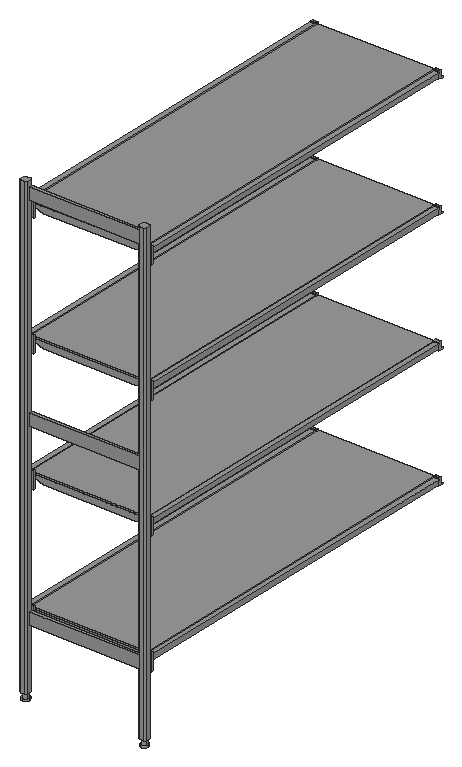
Revit family "QF_ELECTROLUXPROFESSIONAL_137077_CLS1362", category Attrezzature speciali, Revit 2020
Family settings
  Quota connettore circolare = Usa diametro
  Tipo di parte = Normale
  Basato su piano di lavoro = No
  Sempre verticale = Sì
  Taglio con vuoti quando caricato = No
  Condiviso = No
  Punto di calcolo locali = No
Parameters (values of type "Standard")
  Weight = 23.00 kg
  Watts = 0 W
  Volts = 0 V
  URL Manufacturer = "https://www.electroluxprofessional.com/"
  URL = "https://www.electroluxprofessional.com/"
  Steam Supply Size = 0 mm
  Steam Supply Minimum Pressure = 0.0 Pa
  Steam Supply Maximum Pressure = 0.0 Pa
  Steam Consumption per Hour = 0
  Refrigeration Suction Line Size = 0.0 mm
  Refrigeration Liquid Line Size = 0.0 mm
  Refrigerant Compressor Remote = yes
  Prospetto di default = 0.0 mm
  Phase = 0
  Modello = "CLS1362"
  Produttore = "Electrolux Professional"
  Length Actual = 1366.0 mm  # constant formula
  Item Number = "137077"
  Hot Water Size = 0 mm
  Height Actual = 1700.0 mm  # constant formula
  HP = "0 HP"
  Gas Size = 0 mm
  Gas KW = 0
  Gas Input Pressure = 0 W
  Direct Waste Size = 0 mm
  Descrizione = "ALUM.CORNER SHELV.-POLY.TIERS-475X1366MM"
  Depth Actual = 475.0 mm  # constant formula
  Cycle = 0 Hz
  Condensate Return Size = 0 mm
  Compressed Air Volume = 0.0 L/s
  Compressed Air Size = 0 mm
  Compressed Air Pressure = 0.0 Pa
  Cold Water Size = 0 mm
  Accessory = yes
Reference planes
  plane 1: z = 0
  plane 2 "Center (F/B)": y = -163.5
  plane 3 "Front": y = -549.5
  plane 4 "Left": x = -217.5
  plane 5 "Right": x = 257.5
  plane 6 "TOP": z = 1700
  plane 7: y = -517.5
  plane 8: y = 812.5
  plane 9 "Center (Left/Right)": x = 20
  plane 10: y = 807.5
  plane 11: x = -186
  plane 12: x = 226
  plane 13 "FEET": z = 25
  plane 14: z = 275
  plane 15: z = 725
  plane 16: z = 1175
  plane 17: z = 1625
  plane 18 "CXLeft": y = -535.5
  plane 19: x = -200
  plane 20 "CYBack": x = -200
  plane 21 "CYFront": x = 138
  plane 22 "Back": y = 816.5
  plane 23 "LEFT_ORIGIN": x = -251.5
  plane 24 "BACK_Origin": y = 1291.5
Forms (mm)
  Extrusion 1, solid, material "QF_Aluminum"
    sketch origin (0, -549.5, 0) x (-1, 0, 0) y (0, 0, 1)
      loop
        line (198.5, 1650.994) -> (198.5, 1632.998) -> (217.5, 1632.998) -> (217.5, 1650.994) -> (198.5, 1650.994)
      loop
        line (-238.5, 1650.994) -> (-257.5, 1650.994) -> (-257.5, 1632.998) -> (-238.5, 1632.998) -> (-238.5, 1650.994)
      loop
        line (198.5, 1200.994) -> (198.5, 1182.998) -> (217.5, 1182.998) -> (217.5, 1200.994) -> (198.5, 1200.994)
      loop
        line (-238.522, 1200.994) -> (-257.5, 1200.994) -> (-257.5, 1182.998) -> (-238.522, 1182.998) -> (-238.522, 1200.994)
      loop
        line (198.5, 750.994) -> (198.5, 732.998) -> (217.5, 732.998) -> (217.5, 750.994) -> (198.5, 750.994)
      loop
        line (-238.522, 750.994) -> (-257.5, 750.994) -> (-257.5, 732.998) -> (-238.522, 732.998) -> (-238.522, 750.994)
      loop
        line (198.5, 300.994) -> (198.5, 282.998) -> (217.5, 282.998) -> (217.5, 300.994) -> (198.5, 300.994)
      loop
        line (-238.522, 300.994) -> (-257.5, 300.994) -> (-257.5, 282.998) -> (-238.522, 282.998) -> (-238.522, 300.994)
    from 32 to 1362
  Extrusion 2, solid, material "QF_Polyethylene"
    sketch origin (0, -549.5, 0) x (-1, 0, 0) y (0, 0, 1)
      loop
        line (196.507, 1650.994) -> (-236.522, 1650.994) -> (-236.522, 1644.496) -> (196.507, 1644.496) -> (196.507, 1650.994)
      loop
        line (196.507, 1200.994) -> (-236.522, 1200.994) -> (-236.522, 1194.496) -> (196.507, 1194.496) -> (196.507, 1200.994)
      loop
        line (196.507, 750.994) -> (-236.522, 750.994) -> (-236.522, 744.496) -> (196.507, 744.496) -> (196.507, 750.994)
      loop
        line (196.507, 300.994) -> (-236.522, 300.994) -> (-236.522, 294.496) -> (196.507, 294.496) -> (196.507, 300.994)
    from 32 to 1362
Lines and regions (mm)
  symbolic lines
    curve 1: line (-198.5, 812.5, 1700) -> (-198.5, -517.5, 1700)
    curve 2: line (-217.5, -521.5, 1700) -> (-217.5, 812.5, 1700)
    curve 3: line (257.5, -521.5, 1700) -> (257.5, 812.5, 1700)
    curve 4: line (-181.507, -517.5, 1700) -> (221.507, -517.5, 1700)
    curve 5: line (238.522, -517.5, 1700) -> (238.522, 812.5, 1700)
    curve 6: line (-198.5, 812.5, 1700) -> (238.522, 812.5, 1700)
Dimensions and locks
  plane 3 "Front" to plane 2 "Center (F/B)" = 386.0 mm
  locked: plane 6 "TOP" to level at 1700
  locked: plane 4 "Left" to plane 5 "Right" at 475
  locked: plane 7 to plane 8 at 1330
  locked: plane 3 "Front" to plane 7 at 32
  plane 10 to plane 8 = 5.0 mm
  locked: plane 11 to plane 12 at 412
  equal spacing: plane 11, plane 9 "Center (Left/Right)", plane 12
  equal spacing: plane 4 "Left", plane 9 "Center (Left/Right)", plane 5 "Right"
  plane 13 "FEET" to level = 25.0 mm
  plane 6 "TOP" to plane 13 "FEET" = 1675.0 mm
  plane 14 to plane 13 "FEET" = 250.0 mm
  plane 15 to plane 14 = 450.0 mm
  plane 16 to plane 15 = 450.0 mm
  plane 17 to plane 16 = 450.0 mm
  locked: plane 3 "Front" to plane 18 "CXLeft" at 14
  locked: plane 3 "Front" to plane 22 "Back" at 1366
  plane 23 "LEFT_ORIGIN" to plane 5 "Right" = 509.0 mm
  locked: plane 22 "Back" to plane 24 "BACK_Origin" at 475
  aligned and locked: level to plane 1
  aligned and locked: Extrusion 2 to plane 7
  aligned and locked: plane 8 to Extrusion 2
  aligned and locked: Extrusion 1 to plane 7
  aligned and locked: plane 8 to Extrusion 1
  aligned and locked: Extrusion 1 sketch curve to Extrusion 1 sketch curve  (x2)
  aligned and locked: plane 18 "CXLeft" to nested 1
  aligned and locked: nested 2 to plane 10
Automatic sketch dimensions
  curve 2 to plane 4 "Left" = 0.0 mm
  curve 3 to plane 5 "Right" = 0.0 mm
  plane 7 to curve 1 = 0.0 mm
  plane 7 to curve 4 = 0.0 mm
  plane 7 to curve 5 = 0.0 mm
  plane 8 to curve 2 = 0.0 mm
  plane 8 to curve 1 = 0.0 mm
  plane 8 to curve 3 = 0.0 mm
  curve 5 to plane 21 "CYFront" = 100.522 mm
  plane 19 to curve 6 = 1.5 mm
  plane 7 to curve 3 = 4.0 mm
  plane 7 to curve 2 = 4.0 mm
  plane 12 to curve 4 = 4.493 mm
  curve 4 to plane 11 = 4.493 mm
  plane 5 "Right" to Extrusion 1 sketch curve = 0.0 mm  (x4)
  plane 4 "Left" to Extrusion 1 sketch curve = 0.0 mm  (x4)
  Extrusion 1 sketch curve to plane 21 "CYFront" = 100.522 mm
  Extrusion 1 sketch curve to plane 21 "CYFront" = 100.5 mm
  plane 19 to Extrusion 1 sketch curve = 1.5 mm  (x4)
  plane 14 to Extrusion 1 sketch curve = 7.998 mm  (x2)
  Extrusion 1 sketch curve to Extrusion 1 sketch curve = 17.997 mm  (x8)
  plane 15 to Extrusion 1 sketch curve = 7.998 mm  (x2)
  plane 16 to Extrusion 1 sketch curve = 7.998 mm  (x2)
  plane 17 to Extrusion 1 sketch curve = 7.998 mm  (x2)
  Extrusion 2 sketch curve to plane 21 "CYFront" = 98.522 mm  (x4)
  plane 19 to Extrusion 2 sketch curve = 3.493 mm  (x4)
  plane 14 to Extrusion 2 sketch curve = 19.496 mm
  Extrusion 2 sketch curve to Extrusion 2 sketch curve = 6.499 mm  (x4)
  plane 15 to Extrusion 2 sketch curve = 19.496 mm
  plane 16 to Extrusion 2 sketch curve = 19.496 mm
  plane 17 to Extrusion 2 sketch curve = 19.496 mm
Nested families
  nested 1: "WT_Anta475" at (-194.5, -132.5, 0) x (0, 1, 0) z (0, 0, 1), type "WT_Anta475"
  nested 2: "WT_Aggancio475" at (-194.5, 1224.5, 0) x (0, 1, 0) z (0, 0, 1), type "WT_Aggancio475"
Definition of nested family "WT_Anta475"
  Parameters
    WidthLeft = A + 64.0 mm  # 772.0 mm
    Width = 1606.0 mm
    Right = WidthLeft / 2  # 386.0 mm
    Default Elevation = 0.0 mm
    Left = -WidthLeft / 2  # -386.0 mm
    Height = 1725.0 mm
    FEET = 25.0 mm
    E = 0.0 mm
    Dint = Depth - 63.0 mm  # 412.0 mm
    Dext = Depth - 8.0 mm  # 467.0 mm
    Depth = 475.0 mm
    DX = (WidthLeft - A) / 2  # 32.0 mm
    B = 798.0 mm
    A = 708.0 mm
  Reference planes
    plane 1: z = 0
    plane 2 "LEFT": x = -417
    plane 3 "BACK": y = 23
    plane 4 "FRONT": y = -452
    plane 5 "TOP": z = 1725
    plane 6 "Center (Front/Back)": y = -214.5
    plane 7: y = -8.5
    plane 8: y = -420.5
    plane 9 "FEET": z = 25
    plane 10: z = 275
    plane 11: z = 725
    plane 12: z = 1175
    plane 13: z = 1625
    plane 14 "CXLeft": x = -403
    plane 15: y = 5.5
    plane 16 "CYBack": y = 5.5
    plane 17 "CYFront": y = -434.5
    plane 18: x = -385.031
    plane 19: x = -380.031
  Forms (mm)
    Extrusion 1, solid
      sketch origin (0, 0, 0) x (1, 0, 0) y (0, 1, 0)
        loop
          line (-417, 13.246) -> (-417, -2.246) -> (-410.746, -8.5) -> (-395.254, -8.5) -> (-389, -2.246) -> (-389, 13.246) -> (-395.254, 19.5) -> (-410.746, 19.5) -> (-417, 13.246)
      from 1725 to 25
    Extrusion 2, solid
      sketch origin (-417, 0, 0) x (0, 1, 0) y (0, 0, 1)
        loop
          line (23, 246.005) -> (23, 307.993) -> (-12.993, 307.993) -> (-12.993, 246.005) -> (23, 246.005)
        loop
          line (-452, 246.005) -> (-416.007, 246.005) -> (-416.007, 307.993) -> (-452, 307.993) -> (-452, 246.005)
        loop
          line (23, 696.005) -> (23, 757.993) -> (-12.993, 757.993) -> (-12.993, 696.005) -> (23, 696.005)
        loop
          line (-452, 696.005) -> (-416.007, 696.005) -> (-416.007, 757.993) -> (-452, 757.993) -> (-452, 696.005)
        loop
          line (23, 1146.005) -> (23, 1207.993) -> (-12.993, 1207.993) -> (-12.993, 1146.005) -> (23, 1146.005)
        loop
          line (-452, 1146.005) -> (-416.007, 1146.005) -> (-416.007, 1207.993) -> (-452, 1207.993) -> (-452, 1146.005)
        loop
          line (23, 1596.005) -> (23, 1657.993) -> (-12.993, 1657.993) -> (-12.993, 1596.005) -> (23, 1596.005)
        loop
          line (-452, 1596.005) -> (-416.007, 1596.005) -> (-416.007, 1657.993) -> (-452, 1657.993) -> (-452, 1596.005)
      from 28 to 32
    Revolve 3, solid
      sketch origin (-403, 0, 0) x (0, 1, 0) y (0, 0, 1)
        loop
          line (5.5, 25) -> (5.5, 0) -> (19, 0) -> (19, 5) -> (14, 5) -> (14, 25) -> (5.5, 25)
        axis (5.5, 25) -> (5.5, 0)
      angle from 0 to 360
    Extrusion 4, solid
      sketch origin (-403, 0, 0) x (0, 1, 0) y (0, 0, 1)
        loop
          line (-8.5, 912.382) -> (-8.5, 957.374) -> (-420.5, 957.374) -> (-420.5, 912.382) -> (-8.5, 912.382)
        loop
          line (-8.5, 1662.244) -> (-8.5, 1707.236) -> (-420.5, 1707.236) -> (-420.5, 1662.244) -> (-8.5, 1662.244)
      from -5 to 5
    Revolve 5, solid
      sketch origin (-403, -627, 0) x (0, -1, 0) y (0, 0, 1)
        loop
          line (-192.5, 25) -> (-192.5, 0) -> (-179, 0) -> (-179, 5) -> (-184, 5) -> (-184, 25) -> (-192.5, 25)
        axis (-192.5, 25) -> (-192.5, 0)
      angle from 0 to 360
    Extrusion 6, solid
      sketch origin (0, -627, 0) x (1, 0, 0) y (0, 1, 0)
        loop
          line (-417, 184.754) -> (-410.746, 178.5) -> (-395.254, 178.5) -> (-389, 184.754) -> (-389, 200.246) -> (-395.254, 206.5) -> (-410.746, 206.5) -> (-417, 200.246) -> (-417, 184.754)
      from 1725 to 25
    Extrusion 7, solid
      sketch origin (-417.031, -0.022, 0) x (0, 1, 0) y (0, 0, -1)
        loop
          line (-12, -1632.998) -> (-46, -1620.994) -> (-383, -1620.994) -> (-417, -1632.998) -> (-433, -1632.998) -> (-433, -1650.994) -> (-431, -1650.994) -> (-431, -1644.496) -> (2.007, -1644.496) -> (2.007, -1650.994) -> (4, -1650.994) -> (4, -1632.998) -> (-12, -1632.998)
        loop
          line (-12, -1182.998) -> (-46, -1170.994) -> (-383, -1170.994) -> (-417, -1182.998) -> (-433, -1182.998) -> (-433, -1200.994) -> (-431, -1200.994) -> (-431, -1194.496) -> (2.007, -1194.496) -> (2.007, -1200.994) -> (4, -1200.994) -> (4, -1182.998) -> (-12, -1182.998)
        loop
          line (-12, -732.998) -> (-46, -720.994) -> (-383, -720.994) -> (-417, -732.998) -> (-433, -732.998) -> (-433, -750.994) -> (-431, -750.994) -> (-431, -744.496) -> (2.007, -744.496) -> (2.007, -750.994) -> (4, -750.994) -> (4, -732.998) -> (-12, -732.998)
        loop
          line (-12, -282.998) -> (-46, -270.994) -> (-383, -270.994) -> (-417, -282.998) -> (-433, -282.998) -> (-433, -300.994) -> (-431, -300.994) -> (-431, -294.496) -> (2.007, -294.496) -> (2.007, -300.994) -> (4, -300.994) -> (4, -282.998) -> (-12, -282.998)
      from -32 to -37
    Extrusion 8, solid
      sketch origin (-403, 0, -659.878) x (0, 1, 0) y (0, 0, 1)
        loop
          line (-8.5, 912.382) -> (-8.5, 957.374) -> (-420.5, 957.374) -> (-420.5, 912.382) -> (-8.5, 912.382)
        loop
          line (-8.5, 1572.382) -> (-8.5, 1617.374) -> (-420.5, 1617.374) -> (-420.5, 1572.382) -> (-8.5, 1572.382)
        loop
          line (-8.5, 2322.382) -> (-8.5, 2367.374) -> (-420.5, 2367.374) -> (-420.5, 2322.382) -> (-8.5, 2322.382)
      from -5 to 5
  Lines and regions (mm)
    symbolic lines
      curve 1: line (-408, -8.5, 1725) -> (-408, -420.5, 1725)
      curve 2: line (-398, -420.5, 1725) -> (-398, -8.5, 1725)
      curve 3: line (-395.254, -8.5, 1725) -> (-410.746, -8.5, 1725)
      curve 4: line (-417, -2.246, 1725) -> (-410.746, -8.5, 1725)
      curve 5: line (-417, 13.246, 1725) -> (-417, -2.246, 1725)
      curve 6: line (-410.746, 19.5, 1725) -> (-417, 13.246, 1725)
      curve 7: line (-395.254, 19.5, 1725) -> (-410.746, 19.5, 1725)
      curve 8: line (-389, 13.246, 1725) -> (-395.254, 19.5, 1725)
      curve 9: line (-395.254, -8.5, 1725) -> (-389, -2.246, 1725)
      curve 10: line (-395.254, -420.5, 1725) -> (-410.746, -420.5, 1725)
      curve 11: line (-417, -426.754, 1725) -> (-410.746, -420.5, 1725)
      curve 12: line (-410.746, -448.5, 1725) -> (-417, -442.246, 1725)
      curve 13: line (-395.254, -448.5, 1725) -> (-410.746, -448.5, 1725)
      curve 14: line (-389, -442.246, 1725) -> (-395.254, -448.5, 1725)
      curve 15: line (-395.254, -420.5, 1725) -> (-389, -426.754, 1725)
      curve 16: line (-389, -452, 1725) -> (-389, -416.007, 1725)
      curve 17: line (-389, -416.007, 1725) -> (-385, -416.007, 1725)
      curve 18: line (-389, 23, 1725) -> (-389, -12.993, 1725)
      curve 19: line (-389, -12.993, 1725) -> (-385, -12.993, 1725)
      curve 20: line (-417, -426.754, 1725) -> (-417, -442.246, 1725)
      curve 21: line (-385, -452, 1725) -> (-385, -416.007, 1725)
      curve 22: line (-385, -452, 1725) -> (-389, -452, 1725)
      curve 23: line (-385, 23, 1725) -> (-389, 23, 1725)
      curve 24: line (-385, -12.993, 1725) -> (-385, 23, 1725)
      curve 25: line (-385.031, -13.016, 1725) -> (-385.031, -416.029, 1725)
  Dimensions and locks
    "Height": plane 5 "TOP" to level
    "Depth": plane 3 "BACK" to plane 4 "FRONT"
    "Dint": plane 7 to plane 8
    equal spacing: plane 7, plane 6 "Center (Front/Back)", plane 8
    equal spacing: plane 3 "BACK", plane 6 "Center (Front/Back)", plane 4 "FRONT"
    plane 9 "FEET" to level = 25.0 mm
    plane 5 "TOP" to plane 9 "FEET" = 1700.0 mm
    plane 10 to plane 9 "FEET" = 250.0 mm
    plane 11 to plane 10 = 450.0 mm
    plane 12 to plane 11 = 450.0 mm
    plane 13 to plane 12 = 450.0 mm
    locked: plane 2 "LEFT" to plane 14 "CXLeft" at 14
    locked: plane 3 "BACK" to plane 16 "CYBack" at 17.5
    locked: plane 17 "CYFront" to plane 4 "FRONT" at 17.5
    locked: Revolve 3 sketch curve to Revolve 3 sketch curve at 8.5
    locked: Revolve 3 sketch curve to plane 16 "CYBack" at 13.5
    locked: Revolve 5 sketch curve to Revolve 5 sketch curve at 8.5
    aligned and locked: level to plane 1
    aligned and locked: curve 20 to Extrusion 6
    aligned and locked: plane 5 "TOP" to Extrusion 1
    aligned and locked: plane 5 "TOP" to Extrusion 6
    aligned and locked: Extrusion 7 sketch curve to Extrusion 7 sketch curve  (x3)
  Automatic sketch dimensions
    curve 16 to plane 4 "FRONT" = 0.0 mm
    curve 11 to plane 8 = 0.0 mm
    curve 9 to plane 7 = 0.0 mm
    curve 5 to plane 2 "LEFT" = 0.0 mm
    curve 23 to plane 3 "BACK" = 0.0 mm
    plane 4 "FRONT" to curve 13 = 3.5 mm
    curve 20 to plane 17 "CYFront" = 7.746 mm
    curve 20 to plane 8 = 6.254 mm
    plane 8 to curve 16 = 4.493 mm
    curve 24 to plane 18 = 0.031 mm
    curve 24 to plane 7 = 4.493 mm
    plane 7 to curve 5 = 6.254 mm
    curve 5 to plane 15 = 7.746 mm
    curve 6 to plane 3 "BACK" = 3.5 mm
    curve 21 to plane 18 = 0.031 mm
    plane 18 to curve 23 = 3.969 mm
    plane 18 to curve 16 = 3.969 mm
    curve 18 to curve 8 = 6.254 mm
    curve 18 to curve 3 = 6.254 mm
    curve 16 to curve 13 = 6.254 mm
    curve 16 to curve 15 = 6.254 mm
    plane 2 "LEFT" to curve 10 = 6.254 mm
    plane 2 "LEFT" to curve 7 = 6.254 mm
    plane 2 "LEFT" to curve 12 = 6.254 mm
    plane 2 "LEFT" to curve 3 = 6.254 mm
    curve 14 to plane 17 "CYFront" = 7.746 mm
    curve 15 to plane 8 = 6.254 mm
    plane 7 to curve 9 = 6.254 mm
    curve 8 to plane 15 = 7.746 mm
    curve 3 to curve 2 = 2.746 mm
    curve 1 to curve 10 = 2.746 mm
    Extrusion 1 sketch curve to plane 2 "LEFT" = 0.0 mm
    Extrusion 1 sketch curve to plane 7 = 0.0 mm
    plane 2 "LEFT" to Extrusion 1 sketch curve = 6.254 mm  (x2)
    plane 14 "CXLeft" to Extrusion 1 sketch curve = 7.746 mm  (x2)
    Extrusion 1 sketch curve to plane 3 "BACK" = 3.5 mm
    plane 18 to Extrusion 1 sketch curve = 3.969 mm
    plane 7 to Extrusion 1 sketch curve = 6.254 mm  (x2)
    Extrusion 1 sketch curve to plane 15 = 7.746 mm  (x2)
    Extrusion 2 sketch curve to plane 4 "FRONT" = 0.0 mm  (x4)
    Extrusion 2 sketch curve to plane 3 "BACK" = 0.0 mm  (x4)
    plane 8 to Extrusion 2 sketch curve = 4.493 mm  (x4)
    Extrusion 2 sketch curve to plane 7 = 4.493 mm  (x4)
    Extrusion 2 sketch curve to plane 10 = 28.995 mm  (x2)
    plane 10 to Extrusion 2 sketch curve = 32.993 mm  (x2)
    Extrusion 2 sketch curve to plane 11 = 28.995 mm  (x2)
    plane 11 to Extrusion 2 sketch curve = 32.993 mm  (x2)
    Extrusion 2 sketch curve to plane 12 = 28.995 mm  (x2)
    plane 12 to Extrusion 2 sketch curve = 32.993 mm  (x2)
    Extrusion 2 sketch curve to plane 13 = 28.995 mm  (x2)
    plane 13 to Extrusion 2 sketch curve = 32.993 mm  (x2)
    Revolve 3 sketch curve to plane 9 "FEET" = 0.0 mm  (x2)
    Revolve 3 sketch curve to plane 15 = 0.0 mm  (x2)
    Revolve 3 sketch curve to level = 0.0 mm
    level to Revolve 3 sketch curve = 5.0 mm
    Revolve 3 sketch curve to Revolve 3 sketch curve = 11.655 mm
    Extrusion 4 sketch curve to plane 8 = 0.0 mm  (x2)
    Extrusion 4 sketch curve to plane 7 = 0.0 mm  (x2)
    plane 11 to Extrusion 4 sketch curve = 187.382 mm
    Extrusion 4 sketch curve to Extrusion 4 sketch curve = 44.992 mm
    plane 13 to Extrusion 4 sketch curve = 37.244 mm
    Extrusion 4 sketch curve to plane 5 "TOP" = 17.764 mm
    Revolve 5 sketch curve to plane 9 "FEET" = 0.0 mm  (x2)
    Revolve 5 sketch curve to plane 17 "CYFront" = 0.0 mm  (x2)
    Revolve 5 sketch curve to level = 0.0 mm
    Revolve 5 sketch curve to plane 4 "FRONT" = 4.0 mm
    Revolve 5 sketch curve to Revolve 5 sketch curve = 5.0 mm
    level to Revolve 5 sketch curve = 11.655 mm
    Extrusion 6 sketch curve to plane 2 "LEFT" = 0.0 mm
    Extrusion 6 sketch curve to plane 8 = 0.0 mm
    Extrusion 6 sketch curve to plane 2 "LEFT" = 6.254 mm  (x2)
    Extrusion 6 sketch curve to plane 14 "CXLeft" = 7.746 mm  (x2)
    Extrusion 6 sketch curve to plane 4 "FRONT" = 3.5 mm
    Extrusion 6 sketch curve to plane 18 = 3.969 mm
    plane 8 to Extrusion 6 sketch curve = 6.254 mm  (x2)
    plane 17 "CYFront" to Extrusion 6 sketch curve = 7.746 mm  (x2)
    plane 17 "CYFront" to Extrusion 7 sketch curve = 1.478 mm  (x4)
    Extrusion 7 sketch curve to Extrusion 7 sketch curve = 2.0 mm
    plane 8 to Extrusion 7 sketch curve = 3.478 mm  (x4)
    Extrusion 7 sketch curve to plane 10 = 4.006 mm
    Extrusion 7 sketch curve to Extrusion 7 sketch curve = 34.0 mm  (x4)
    Extrusion 7 sketch curve to plane 11 = 4.006 mm
    Extrusion 7 sketch curve to plane 12 = 4.006 mm
    Extrusion 7 sketch curve to plane 13 = 4.006 mm
    Extrusion 7 sketch curve to plane 7 = 37.522 mm  (x4)
    Extrusion 7 sketch curve to plane 7 = 3.522 mm  (x4)
    plane 15 to Extrusion 7 sketch curve = 3.516 mm  (x4)
    plane 15 to Extrusion 7 sketch curve = 1.522 mm  (x4)
    plane 13 to Extrusion 7 sketch curve = 7.998 mm  (x2)
    Extrusion 7 sketch curve to Extrusion 7 sketch curve = 11.498 mm
    Extrusion 7 sketch curve to Extrusion 7 sketch curve = 6.499 mm  (x5)
    plane 12 to Extrusion 7 sketch curve = 25.994 mm  (x2)
    plane 12 to Extrusion 7 sketch curve = 7.998 mm  (x2)
    plane 11 to Extrusion 7 sketch curve = 25.994 mm  (x2)
    plane 11 to Extrusion 7 sketch curve = 7.998 mm  (x2)
    plane 10 to Extrusion 7 sketch curve = 25.994 mm  (x2)
    plane 10 to Extrusion 7 sketch curve = 7.998 mm  (x2)
    curve 25 to plane 18 = 0.0 mm
    plane 8 to curve 25 = 4.471 mm
    curve 25 to plane 7 = 4.516 mm
    Extrusion 8 sketch curve to plane 8 = 0.0 mm  (x3)
    Extrusion 8 sketch curve to plane 7 = 0.0 mm  (x3)
    Extrusion 8 sketch curve to plane 10 = 22.496 mm
    plane 10 to Extrusion 8 sketch curve = 22.496 mm
    plane 11 to Extrusion 8 sketch curve = 187.504 mm
    Extrusion 8 sketch curve to Extrusion 8 sketch curve = 44.992 mm
    plane 13 to Extrusion 8 sketch curve = 37.504 mm
    Extrusion 8 sketch curve to plane 5 "TOP" = 17.504 mm
Definition of nested family "WT_Aggancio475"
  Parameters
    WidthLeft = A + 64.0 mm  # 772.0 mm
    Width = 1606.0 mm
    Right = WidthLeft / 2  # 386.0 mm
    Default Elevation = 0.0 mm
    Left = -WidthLeft / 2  # -386.0 mm
    Height = 1725.0 mm
    FEET = 25.0 mm
    E = 0.0 mm
    Dint = Depth - 63.0 mm  # 412.0 mm
    Dext = Depth - 8.0 mm  # 467.0 mm
    Depth = 475.0 mm
    DX = (WidthLeft - A) / 2  # 32.0 mm
    B = 798.0 mm
    A = 708.0 mm
  Reference planes
    plane 1: z = 0
    plane 2 "LEFT": x = -417
    plane 3 "BACK": y = 23
    plane 4 "FRONT": y = -452
    plane 5 "TOP": z = 1725
    plane 6 "Center (Front/Back)": y = -214.5
    plane 7: y = -8.5
    plane 8: y = -420.5
    plane 9 "FEET": z = 25
    plane 10: z = 275
    plane 11: z = 725
    plane 12: z = 1175
    plane 13: z = 1625
    plane 14: y = 5.5
    plane 15 "CYBack": y = 5.5
    plane 16 "CYFront": y = -434.5
  Forms (mm)
    Extrusion 1, solid
      sketch origin (-380, -0.022, 0) x (0, 1, 0) y (0, 0, 1)
        loop
          line (-12, 1632.998) -> (4, 1632.998) -> (4, 1650.994) -> (2.007, 1650.994) -> (2.007, 1644.496) -> (-431, 1644.496) -> (-431, 1650.994) -> (-433, 1650.994) -> (-433, 1632.998) -> (-417, 1632.998) -> (-383, 1620.994) -> (-46, 1620.994) -> (-12, 1632.998)
        loop
          line (-12, 1182.998) -> (4, 1182.998) -> (4, 1200.994) -> (2.007, 1200.994) -> (2.007, 1194.496) -> (-431, 1194.496) -> (-431, 1200.994) -> (-433, 1200.994) -> (-433, 1182.998) -> (-417, 1182.998) -> (-383, 1170.994) -> (-46, 1170.994) -> (-12, 1182.998)
        loop
          line (-12, 732.998) -> (4, 732.998) -> (4, 750.994) -> (2.007, 750.994) -> (2.007, 744.496) -> (-431, 744.496) -> (-431, 750.994) -> (-433, 750.994) -> (-433, 732.998) -> (-417, 732.998) -> (-383, 720.994) -> (-46, 720.994) -> (-12, 732.998)
        loop
          line (-12, 282.998) -> (4, 282.998) -> (4, 300.994) -> (2.007, 300.994) -> (2.007, 294.496) -> (-431, 294.496) -> (-431, 300.994) -> (-433, 300.994) -> (-433, 282.998) -> (-417, 282.998) -> (-383, 270.994) -> (-46, 270.994) -> (-12, 282.998)
      from -32 to -37
    Extrusion 2, solid
      sketch origin (-793.062, -324.754, 6.5) x (1, 0, 0) y (0, 0, 1)
        loop
          line (385.062, 1644.496) -> (385.062, 1647.496) -> (376.062, 1647.496) -> (376.062, 1620.994) -> (390.031, 1620.994) -> (390.031, 1626.496) -> (381.062, 1626.496) -> (381.062, 1644.496) -> (385.062, 1644.496)
        loop
          line (385.062, 1194.496) -> (385.062, 1197.496) -> (376.062, 1197.496) -> (376.062, 1170.994) -> (390.031, 1170.994) -> (390.031, 1176.496) -> (381.062, 1176.496) -> (381.062, 1194.496) -> (385.062, 1194.496)
        loop
          line (385.062, 744.496) -> (385.062, 747.496) -> (376.062, 747.496) -> (376.062, 720.994) -> (390.031, 720.994) -> (390.031, 726.496) -> (381.062, 726.496) -> (381.062, 744.496) -> (385.062, 744.496)
        loop
          line (385.062, 294.496) -> (385.062, 297.496) -> (376.062, 297.496) -> (376.062, 270.994) -> (390.031, 270.994) -> (390.031, 276.496) -> (381.062, 276.496) -> (381.062, 294.496) -> (385.062, 294.496)
      from 108.268 to 127.246
    Extrusion 3, solid
      sketch origin (-793.062, 32.754, 6.5) x (1, 0, 0) y (0, 0, 1)
        loop
          line (385.062, 1644.496) -> (385.062, 1647.496) -> (376.062, 1647.496) -> (376.062, 1620.994) -> (390.031, 1620.994) -> (390.031, 1626.496) -> (381.062, 1626.496) -> (381.062, 1644.496) -> (385.062, 1644.496)
        loop
          line (385.062, 1194.496) -> (385.062, 1197.496) -> (376.062, 1197.496) -> (376.062, 1170.994) -> (390.031, 1170.994) -> (390.031, 1176.496) -> (381.062, 1176.496) -> (381.062, 1194.496) -> (385.062, 1194.496)
        loop
          line (385.062, 744.496) -> (385.062, 747.496) -> (376.062, 747.496) -> (376.062, 720.994) -> (390.031, 720.994) -> (390.031, 726.496) -> (381.062, 726.496) -> (381.062, 744.496) -> (385.062, 744.496)
        loop
          line (385.062, 294.496) -> (385.062, 297.496) -> (376.062, 297.496) -> (376.062, 270.994) -> (390.031, 270.994) -> (390.031, 276.496) -> (381.062, 276.496) -> (381.062, 294.496) -> (385.062, 294.496)
      from 9.754 to 28.776
  Lines and regions (mm)
    symbolic lines
      curve 1: line (-412, -452, 0) -> (-408, -452, 0)
      curve 2: line (-412, -433.022, 0) -> (-412, -452, 0)
      curve 3: line (-408, -433.022, 0) -> (-412, -433.022, 0)
      curve 4: line (-408, -452, 0) -> (-408, -433.022, 0)
      curve 5: line (-412, 3.978, 0) -> (-408, 3.978, 0)
      curve 6: line (-412, 23, 0) -> (-412, 3.978, 0)
      curve 7: line (-408, 23, 0) -> (-412, 23, 0)
      curve 8: line (-408, 3.978, 0) -> (-408, 23, 0)
  Dimensions and locks
    "Height": plane 5 "TOP" to level
    "Depth": plane 3 "BACK" to plane 4 "FRONT"
    "Dint": plane 7 to plane 8
    equal spacing: plane 7, plane 6 "Center (Front/Back)", plane 8
    equal spacing: plane 3 "BACK", plane 6 "Center (Front/Back)", plane 4 "FRONT"
    plane 9 "FEET" to level = 25.0 mm
    plane 5 "TOP" to plane 9 "FEET" = 1700.0 mm
    plane 10 to plane 9 "FEET" = 250.0 mm
    plane 11 to plane 10 = 450.0 mm
    plane 12 to plane 11 = 450.0 mm
    plane 13 to plane 12 = 450.0 mm
    locked: plane 3 "BACK" to plane 15 "CYBack" at 17.5
    locked: plane 16 "CYFront" to plane 4 "FRONT" at 17.5
    aligned and locked: level to plane 1
    aligned and locked: Extrusion 1 sketch curve to Extrusion 1 sketch curve  (x3)
  Automatic sketch dimensions
    plane 16 "CYFront" to Extrusion 1 sketch curve = 1.478 mm  (x4)
    Extrusion 1 sketch curve to Extrusion 1 sketch curve = 2.0 mm
    plane 8 to Extrusion 1 sketch curve = 3.478 mm  (x4)
    Extrusion 1 sketch curve to plane 10 = 4.006 mm
    Extrusion 1 sketch curve to Extrusion 1 sketch curve = 34.0 mm  (x4)
    Extrusion 1 sketch curve to plane 11 = 4.006 mm
    Extrusion 1 sketch curve to plane 12 = 4.006 mm
    Extrusion 1 sketch curve to plane 13 = 4.006 mm
    Extrusion 1 sketch curve to plane 7 = 37.522 mm  (x4)
    Extrusion 1 sketch curve to plane 7 = 3.522 mm  (x4)
    plane 14 to Extrusion 1 sketch curve = 3.516 mm  (x4)
    plane 14 to Extrusion 1 sketch curve = 1.522 mm  (x4)
    plane 10 to Extrusion 1 sketch curve = 7.998 mm  (x2)
    Extrusion 1 sketch curve to Extrusion 1 sketch curve = 11.498 mm  (x4)
    Extrusion 1 sketch curve to Extrusion 1 sketch curve = 6.499 mm  (x8)
    plane 11 to Extrusion 1 sketch curve = 7.998 mm  (x2)
    plane 12 to Extrusion 1 sketch curve = 7.998 mm  (x2)
    plane 13 to Extrusion 1 sketch curve = 7.998 mm  (x2)
    plane 2 "LEFT" to Extrusion 2 sketch curve = 0.0 mm  (x4)
    plane 13 to Extrusion 2 sketch curve = 7.996 mm
    plane 11 to Extrusion 2 sketch curve = 7.996 mm
    Extrusion 2 sketch curve to Extrusion 2 sketch curve = 5.0 mm  (x4)
    plane 11 to Extrusion 2 sketch curve = 2.494 mm
    plane 10 to Extrusion 2 sketch curve = 28.996 mm
    Extrusion 2 sketch curve to Extrusion 2 sketch curve = 3.0 mm  (x4)
    plane 10 to Extrusion 2 sketch curve = 7.996 mm
    plane 10 to Extrusion 2 sketch curve = 2.494 mm
    Extrusion 2 sketch curve to Extrusion 2 sketch curve = 18.0 mm  (x3)
    plane 12 to Extrusion 2 sketch curve = 2.494 mm
    plane 12 to Extrusion 2 sketch curve = 7.996 mm
    plane 13 to Extrusion 2 sketch curve = 2.494 mm
    plane 2 "LEFT" to Extrusion 3 sketch curve = 0.0 mm  (x4)
    plane 13 to Extrusion 3 sketch curve = 7.996 mm
    plane 11 to Extrusion 3 sketch curve = 7.996 mm
    Extrusion 3 sketch curve to Extrusion 3 sketch curve = 5.0 mm  (x4)
    plane 11 to Extrusion 3 sketch curve = 2.494 mm
    plane 10 to Extrusion 3 sketch curve = 28.996 mm
    Extrusion 3 sketch curve to Extrusion 3 sketch curve = 3.0 mm  (x4)
    plane 10 to Extrusion 3 sketch curve = 7.996 mm
    plane 10 to Extrusion 3 sketch curve = 2.494 mm
    Extrusion 3 sketch curve to Extrusion 3 sketch curve = 18.0 mm  (x3)
    plane 12 to Extrusion 3 sketch curve = 2.494 mm
    plane 12 to Extrusion 3 sketch curve = 7.996 mm
    plane 13 to Extrusion 3 sketch curve = 2.494 mm
    plane 2 "LEFT" to curve 1 = 5.0 mm
    plane 2 "LEFT" to curve 7 = 5.0 mm
    curve 1 to plane 16 "CYFront" = 17.5 mm
    curve 3 to plane 8 = 12.522 mm
    plane 7 to curve 5 = 12.478 mm
    curve 7 to plane 14 = 17.5 mm
    curve 5 to curve 5 = 4.0 mm
    curve 1 to curve 4 = 4.0 mm
    Extrusion 2 sketch curve to Extrusion 2 sketch curve = 4.0 mm  (x4)
    Extrusion 2 sketch curve to Extrusion 2 sketch curve = 8.969 mm  (x4)
    Extrusion 3 sketch curve to Extrusion 3 sketch curve = 4.0 mm  (x4)
    Extrusion 3 sketch curve to Extrusion 3 sketch curve = 8.969 mm  (x4)
